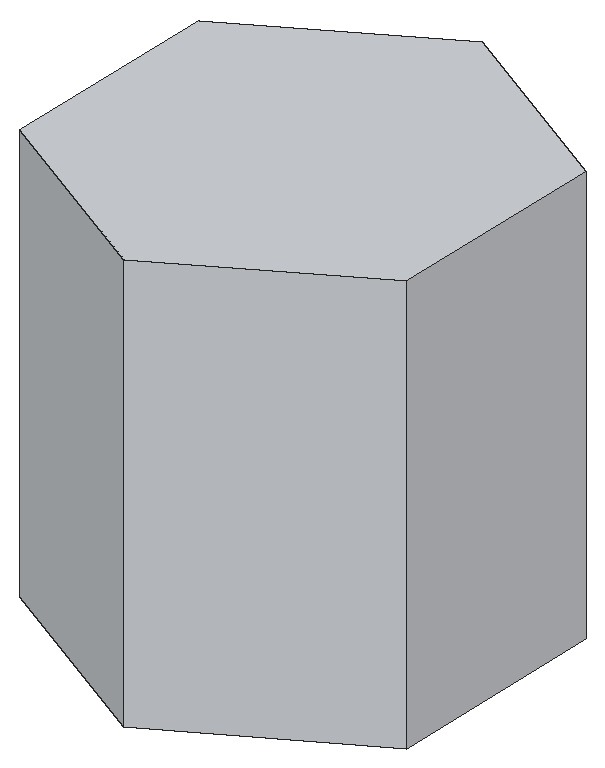
Revit family "Family1", category Furniture, Revit 2020
Family settings
  OmniClass Number = 23.40.20.00
  OmniClass Title = General Furniture and Specialties
  Work Plane-Based = No
  Always vertical = Yes
  Cut with Voids When Loaded = No
  Shared = No
  Room Calculation Point = No
Parameters
  File2-GroupA-Param1 = "Parameter added with furniture family"
  Default Elevation = 0' - 0"
Reference planes (in)
  plane 1 "Center Front/Back": y = 0
  plane 2: z = 0
  plane 3 "Center Left/Right": x = 0
Forms (in)
  Extrusion 1, solid
    sketch origin (0, 0, 0) x (1, 0, 0) y (0, 1, 0)
      loop
        line (0, 32) -> (-27.71281, 16) -> (-27.71281, -16) -> (0, -32) -> (27.71281, -16) -> (27.71281, 16) -> (0, 32)
    from 0 to 60
Dimensions and locks (in)
  aligned and locked: level to plane 2
